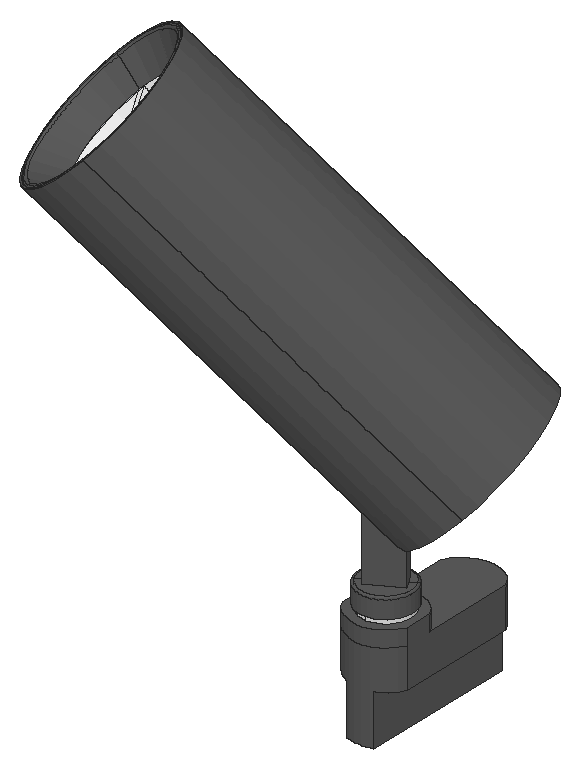
Revit family "0005445", category Lighting Fixtures, host Face, Revit 2017
Family settings
  Host = Face
  Round Connector Dimension = Use Diameter
  Part Type = Normal
  OmniClass Number = 23.80.70.00
  OmniClass Title = Lighting
  Cut with Voids When Loaded = No
  Light Source = No
  Shared = No
  Room Calculation Point = No
Parameters (values of type "0005445 PIXO LARGE 4725LM 930 NB MB WB BLK - 24 degree")
  Weight = "7.476 kg"
  Wattage Comments = ""
  WarrantyStartDate [instance] = "n/a"
  WarrantyGuarantorParts = "n/a"
  WarrantyDurationUnit = "n/a"
  WarrantyDurationParts = "n/a"
  WarrantyDescription = "n/a"
  Voltage = 0 V
  VerticalRotation_SYL [instance] = 60.00°
  VerticalEndAngle_SYL [instance] = VerticalRotation_SYL - 180.00°  # -120.00°
  URL = "http://www.sylvania-lighting.com"
  TypeName = "Pixo Large 4725lm 930 NB MB WB BLK"
  TypeHead_SYL = START Track Spot Integral Head : 0005445 - 24
  TypeArm_SYL = START Track Spot Integral Arm : START Track Spot Integral BL
  Type Image = <None>
  Type Comments = "n/a"
  SerialNumber [instance] = "n/a"
  Material_3_SYL = none
  PowerFactor = 0.9
  PowerConsumption = "54 W"
  NominalLength = 300 mm
  NominalHeight = 303 mm
  NominalDepth = 96 mm
  Name = "Pixo Large 4725lm 930 NB MB WB BLK"
  ModelReference = Name  # "Pixo Large 4725lm 930 NB MB WB BLK"
  ModelNumber = "0005445"
  Model = Name  # "Pixo Large 4725lm 930 NB MB WB BLK"
  Material = "n/a"
  ManufacturerName = "Feilo Sylvania"
  Manufacturer = "Feilo Sylvania"
  LuminousEfficacy = "88 lm/W"
  LuminaireType = ""
  LightOutputRatio = "n/a"
  LampsType = Lamp  # "LED"
  LampNominalLuminous = "4725 lm"
  LampMacAdamStep = "5"
  LampColourTemperature = "3000 K"
  LampColourRenderingIndex = "90"
  Lamp = "LED"
  Keynote = "16500"
  InstallationDate [instance] = "n/a"
  InputVoltage = "n/a"
  InputNominalFrequency = "n/a"
  IngressProtection = "IP20"
  ImpactProtectionIndex = "IK03"
  IfcExportType = "IfcLightFixtureType"
  IfcExportAs = "IfcLightFixtureType"
  HorizontalRotation_SYL [instance] = 45.00°
  ExpectedLife = 50000
  ElectricShockClassification = "Class I"
  DurationUnit = "hours"
  DocumentationLiterature = "http://www.sylvania-lighting.com/product/en-int/products/0005445"
  DimmingControlOptions = "n/a"
  Material_2_SYL = Spacer-Sylvania-StartTrackSpot-Aluminium
  Description = "Integrated LED spotlight, Textured Black - RAL9005, simple and slick integral design with no driver box and without any visible screws, ideal for retail applications, die-cast aluminium body, passive cooling heatsink. Beam angle: 36°, additional lenses 24° and 54° beam angle included, color temperature: 3000K , total system power: 54W, total fixture output: 4725 lm, LOR: 100%, colour rendering: Ra: 90 typical, LED Chromaticity: 3 step MacAdam ellipse, lifetime: >50000 hours at L70B50, energy class: A++, A+, A, IR/UV free light source without heat radiation, operating voltage: 220-240V / 50-60Hz,  electronic driver, non-dimmable, ultra low LED flickering rate (5% or less), power factor: >0.90, electrical protection: Class I, Global Track 3 Circuit GA69 adapter suitable for Global trac 3-circuit tracks, ingress protection rating: IP20, suitable for internal environment only, horizontal rotation: 345°, vertical tilt: 90°, dimensions: Ø91x96x300, weight: 1,246kg."
  Default Elevation = 1219.2 mm
  CreatedOn = "9/9/2020"
  CreatedBy = "@sylvania-lighting.com"
  Cost = 0
  built-in parameter 1114216 [instance] = (empty or 0)
  ClassificationValue = "EF_70_80"
  ClassificationName = "Uniclass2015"
  Material_1_SYL = Body-Sylvania-StartTrackSpot-Black
  BarCode [instance] = "n/a"
  AssetType = "Fixed"
  AssetIdentifier [instance] = "n/a"
  Assembly Code = "D5020200"
  Apparent Load = 54 VA
  Material_4_SYL = none
Reference planes
  plane 1 "Center (Front/Back)": y = 0
  plane 2: z = 0
  plane 3 "Center (Left/Right)": x = 0
  plane 4: x = 16.6
  plane 5: x = -16.6
  plane 6: x = 7
  plane 7: x = -7
  plane 8: x = -12.8
  plane 9: y = 42
  plane 10: y = 42
  plane 11: y = -42
  plane 12: y = 31.4
  plane 13: y = -31.4
  plane 14: z = -26
  plane 15: z = 20.3
  plane 16: z = 28.5
  plane 17: z = 31.2
  plane 18: y = -17.4
  plane 19: y = -6.8
  plane 20: y = -24.4
Forms (mm)
  Extrusion 1, solid, material "Body-Sylvania-StartTrackSpot-Black" <- "Material_1_SYL"
    sketch origin (0, 0, 0) x (1, 0, 0) y (0, 1, 0)
      loop
        line (-16.6, 31.4) -> (-16.6, -31.4)
        arc (-16.6, -31.4) -> (0, -42) -> (16.6, -31.4) r 18.298
        line (16.6, -31.4) -> (16.6, 31.4)
        arc (16.6, 31.4) -> (0, 42) -> (-16.6, 31.4) r 18.298
    from -26 to 20.3
  Extrusion 2, void
    sketch origin (0, 0, 0) x (1, 0, 0) y (0, 1, 0)
      loop
        arc (-7, 40.608) -> (-12.666, 36.907) -> (-16.6, 31.4) r 18.298
        line (-16.6, 31.4) -> (-16.6, -31.4)
        arc (-16.6, -31.4) -> (-12.666, -36.907) -> (-7, -40.608) r 18.298
        line (-7, -40.608) -> (-7, 40.608)
      loop
        line (16.6, -31.4) -> (16.6, 31.4)
        arc (16.6, 31.4) -> (12.666, 36.907) -> (7, 40.608) r 18.298
        line (7, 40.608) -> (7, -40.608)
        arc (7, -40.608) -> (12.666, -36.907) -> (16.6, -31.4) r 18.298
    from 0 to -26
  Extrusion 3, solid, material "Body-Sylvania-StartTrackSpot-Black" <- "Material_1_SYL"
    sketch origin (1223.4, -4572, 20.3) x (0, -1, 0) y (-1, 0, 0)
      loop
        line (-4540.6, 1240) -> (-4554.6, 1240)
        arc (-4554.6, 1240) -> (-4565.2, 1223.4) -> (-4554.6, 1206.8) r 18.298
        line (-4554.6, 1206.8) -> (-4540.6, 1206.8)
        arc (-4540.6, 1206.8) -> (-4530, 1223.4) -> (-4540.6, 1240) r 18.298
    from -8.2 to 0
  Extrusion 4, solid, material "Spacer-Sylvania-StartTrackSpot-Aluminium" <- "Material_2_SYL"
    sketch origin (1223.4, -4572, 28.5) x (0, -1, 0) y (-1, 0, 0)
      loop
        circle (-4547.6, 1223.4) r 12.7
    from 0 to -2.7
  Revolve 5, solid, not visible
    sketch origin (1524, -24.4, 1219.2) x (1, 0, 0) y (0, 0, 1)
      loop
        line (-1524, -1188) -> (-1524, -1168.735) -> (-1531, -1168.735) -> (-1531, -1188) -> (-1524, -1188)
      axis (-1524, -1168.735) -> (-1524, -1188)
    angle from 60 <- "VerticalRotation_SYL" to -120 <- "VerticalEndAngle_SYL"
Cuts and joins
  Extrusion 2 cuts Extrusion 1
  joined: Extrusion 1, Extrusion 3
Lines and regions (mm)
  reference lines
    curve 1: circle (0, -24.4, 0) r 12.7 normal (0, 0, 1)
    curve 2: arc (-16.6, -31.4, 0) -> (0, -42, 0) -> (16.6, -31.4, 0) r 18.298
    curve 3: arc (-16.6, -17.4, 0) -> (0, -6.8, 0) -> (16.6, -17.4, 0) r 18.298
    curve 4: arc (-16.6, 31.4, 0) -> (0, 42, 0) -> (16.6, 31.4, 0) r 18.298
Dimensions and locks
  plane 6 to plane 3 "Center (Left/Right)" to plane 7 = 7 mm locked, 7 mm locked
  plane 4 to plane 3 "Center (Left/Right)" to plane 5 = 16.6 mm locked, 16.6 mm locked
  locked: plane 3 "Center (Left/Right)" to plane 8 at 12.8
  plane 11 to plane 1 "Center (Front/Back)" to plane 10 = 42 mm locked, 42 mm locked
  plane 13 to plane 1 "Center (Front/Back)" to plane 12 = 31.4 mm locked, 31.4 mm locked
  locked: plane 2 to plane 14 at 26
  locked: plane 15 to plane 2 at 20.3
  plane 17 to plane 16 to plane 15 = 2.7 mm locked, 8.2 mm locked
  locked: plane 13 to plane 18 at 14
  locked: plane 18 to plane 19 at 10.6
  equal spacing: plane 13, plane 20, plane 18
  locked: plane 20 to curve 2 at 0.698
  locked: curve 3 to plane 20 at 0.698
  aligned and locked: plane 2 to host face
  aligned and locked: level to host face
  aligned and locked: plane 3 "Center (Left/Right)" to curve 1
  aligned and locked: plane 20 to curve 1
  aligned and locked: plane 13 to curve 2  (x2)
  aligned and locked: plane 18 to curve 3  (x2)
  aligned and locked: plane 12 to curve 4  (x2)
  aligned and locked: plane 4 to curve 4
  aligned and locked: plane 3 "Center (Left/Right)" to curve 4
  aligned and locked: plane 5 to curve 2
  aligned and locked: plane 5 to curve 3
  aligned and locked: plane 4 to curve 3
  aligned and locked: plane 4 to curve 2
  aligned and locked: plane 12 to Extrusion 1 sketch curve
  aligned and locked: plane 13 to Extrusion 1 sketch curve
  aligned and locked: Extrusion 1 sketch curve to curve 4
  aligned and locked: Extrusion 1 sketch curve to curve 2
  aligned and locked: Extrusion 1 to plane 15
  aligned and locked: plane 14 to Extrusion 1
  aligned and locked: Extrusion 2 sketch curve to Extrusion 1  (x5)
  aligned and locked: Extrusion 2 sketch curve to plane 7
  aligned and locked: plane 14 to Extrusion 2
  aligned and locked: level to Extrusion 2
  aligned and locked: Extrusion 3 sketch curve to cut or joined group of Extrusion 1, Extrusion 2, Extrusion 3  (x2)
  aligned and locked: Extrusion 3 sketch curve to curve 3
  aligned and locked: cut or joined group of Extrusion 1, Extrusion 2, Extrusion 3 to Extrusion 3 sketch curve
  aligned and locked: Extrusion 3 to plane 16
  aligned and locked: plane 15 to Extrusion 3
  aligned and locked: Extrusion 4 sketch curve to curve 1
  aligned and locked: Extrusion 4 to plane 17
  aligned and locked: plane 16 to Extrusion 4
  aligned and locked: Revolve 5 sketch curve to plane 3 "Center (Left/Right)"
  aligned and locked: Extrusion 4 to Revolve 5 sketch curve
  aligned and locked: Revolve 5 sketch curve to Extrusion 4
  aligned and locked: plane 17 to nested 1
Automatic sketch dimensions
  host sketch curve to host sketch curve = 2438.4 mm  (x2)
  plane 12 to curve 4 = 7.698 mm
  plane 12 to Extrusion 2 sketch curve = 0 mm
  Extrusion 2 sketch curve to Extrusion 2 sketch curve = 0 mm  (x2)
  Extrusion 2 sketch curve to plane 6 = 0 mm
  Revolve 5 sketch curve to plane 7 = 0 mm
  Revolve 5 sketch curve to Revolve 5 sketch curve = 19.265 mm
  plane 14 to Revolve 5 sketch curve = 583.6 mm
  Revolve 5 sketch curve to Revolve 5 sketch curve = 2558.594 mm
  radius of curve 1 = 12.7 mm
Nested families
  nested 1: "START Track Spot Integral Arm" at (0, -24.4, 31.2) x (0, 0, -1) z (0.866, 0.5, 0), type <- "TypeArm_SYL", HorizontalRotation_SYL <- "HorizontalRotation_SYL", type "START Track Spot Integral BL"
    with HorizontalRotation_SYL 45.00°, HorizontalEndAngle_SYL -135.00°
  nested 2: "START Track Spot Integral Head" at (22.045, -11.672, 108.656) x (-0.5, 0.866, 0) z (0.6124, 0.3536, -0.7071), type "0005445 - 24"
    with built-in parameter 1114216 (empty or 0)
Connectors
  electrical at (0, 0, 0), driven by "Apparent Load", driven by "PowerFactor", driven by "Voltage"
    settings: index 1, voltage 0 V, apparent load 54 VA, apparent load phase1 0 VA, apparent load phase2 0 VA, apparent load phase3 0 VA, power factor 0.9, load classification "Lighting", number of poles 1, system type 30, power factor state 1, is connector primary yes, connector utility no, sub classification motor no, connector description ""
Definition of nested family "START Track Spot Integral Arm"
  Parameters (values of type "START Track Spot Integral WH")
    URL = "http://www.sylvania-lighting.com"
    Type Image = (empty or 0)
    Type Comments = "n/a"
    Material_3_SYL = none
    Model = ""
    Manufacturer = "Feilo Sylvania"
    Keynote = ""
    Material_2_SYL = none
    HorizontalRotation_SYL [instance] = 0.00°
    HorizontalEndAngle_SYL [instance] = HorizontalRotation_SYL - 180.00°  # -180.00°
    Description = ""
    Default Elevation = 1219.2 mm
    Cost = 0
    Material_1_SYL = none
    Assembly Code = ""
    Material_4_SYL = none
  Types (2): name
    START Track Spot Integral WH
    START Track Spot Integral BL
  Reference planes
    plane 1 "Center (Front/Back)": y = 0
    plane 2: z = 0
    plane 3 "Center (Left/Right)": x = 0
    plane 4: x = -10
    plane 5: z = -14
    plane 6: z = -14
    plane 7: z = 14
    plane 8: x = -52
    plane 9: z = 9
    plane 10: z = -9
    plane 11: x = -60
    plane 12: y = 4.5
    plane 13: y = -4.5
    plane 14: x = -9
    plane 15: z = 13
    plane 16: z = 4
    plane 17: z = -4
    plane 18: x = -55
  Forms (mm)
    Extrusion 1, solid
      sketch origin (4.2, 0, 0) x (1, 0, 0) y (0, 1, 0)
        loop
          line (-1219.2, 1219.2) -> (-1219.2, -1219.2) -> (1219.2, -1219.2) -> (1219.2, 1219.2) -> (-1219.2, 1219.2)
      from 0 to -68.017
    Revolve 2, solid, material <- "Material_1_SYL"
      sketch origin (0, 0, 0) x (1, 0, 0) y (0, 0, 1)
        loop
          line (0, 0) -> (0, 14) -> (-9, 14)
          arc (-9, 14) -> (-9.707, 13.707) -> (-10, 13) r 1
          line (-10, 13) -> (-10, 0) -> (0, 0)
        axis (-10, 0) -> (0, 0)
      angle from 360 to 0
    Extrusion 3, solid, material <- "Material_1_SYL"
      sketch origin (0, 0, 0) x (1, 0, 0) y (0, 0, 1)
        loop
          line (-10, 9) -> (-55, 9)
          arc (-55, 9) -> (-58.536, 7.536) -> (-60, 4) r 5
          line (-60, 4) -> (-60, -4)
          arc (-60, -4) -> (-58.536, -7.536) -> (-55, -9) r 5
          line (-55, -9) -> (-10, -9) -> (-10, 9)
      from -4.5 to 4.5
    Revolve 4, solid, not visible
      sketch origin (-52, -4572, 2609.058) x (0, 0, 1) y (0, -1, 0)
        loop
          line (-2609.058, -4553.46) -> (-2609.058, -4590.54) -> (-2605.058, -4590.54) -> (-2605.058, -4553.46) -> (-2609.058, -4553.46)
        axis (-2609.058, -4553.46) -> (-2609.058, -4590.54)
      angle from 0 <- "HorizontalRotation_SYL" to -180 <- "HorizontalEndAngle_SYL"
  Dimensions and locks
    locked: plane 3 "Center (Left/Right)" to plane 4 at 10
    plane 7 to plane 2 to plane 6 = 14 mm locked, 14 mm locked
    locked: plane 4 to plane 8 at 42
    plane 13 to plane 1 "Center (Front/Back)" to plane 12 = 4.5 mm locked, 4.5 mm locked
    locked: plane 14 to plane 4 at 1
    locked: plane 7 to plane 15 at 1
    locked: plane 9 to plane 16 at 5
    locked: plane 17 to plane 10 at 5
    equal spacing: Revolve 4 sketch curve, plane 1 "Center (Front/Back)", Revolve 4 sketch curve
    locked: Revolve 4 sketch curve to plane 1 "Center (Front/Back)" at 18.54
    locked: plane 18 to plane 11 at 5
    locked: plane 4 to plane 11 at 50
    aligned and locked: plane 2 to Extrusion 1
    aligned and locked: level to Extrusion 1
    aligned and locked: level to Revolve 2 sketch curve  (x2)
    aligned and locked: plane 3 "Center (Left/Right)" to Revolve 2 sketch curve
    aligned and locked: Revolve 2 sketch curve to plane 7
    aligned and locked: plane 4 to Revolve 2 sketch curve
    aligned and locked: plane 15 to Revolve 2 sketch curve
    aligned and locked: plane 14 to Revolve 2 sketch curve
    aligned and locked: Revolve 2 sketch curve to plane 2
    aligned and locked: Extrusion 3 sketch curve to plane 9
    aligned and locked: plane 4 to Extrusion 3 sketch curve
    aligned and locked: plane 10 to Extrusion 3 sketch curve
    aligned and locked: Extrusion 3 sketch curve to plane 11
    aligned and locked: plane 13 to Extrusion 3
    aligned and locked: Extrusion 3 to plane 12
    aligned and locked: plane 16 to Extrusion 3 sketch curve
    aligned and locked: plane 17 to Extrusion 3 sketch curve
    aligned and locked: Revolve 4 sketch curve to level
    aligned and locked: Revolve 4 sketch curve to plane 16
    aligned and locked: Revolve 4 sketch curve to plane 2
    aligned and locked: plane 18 to Extrusion 3 sketch curve  (x2)
Definition of nested family "START Track Spot Integral Head"
  Parameters (values of type "0005445 - 24")
    WidthCutOut_SYL = 9.5 mm  # constant formula
    Wattage Comments = "n/a"
    Wattage = 55 W
    built-in parameter 1150110 = 1 (stored number, unit not read)
    URL = "http://www.sylvania-lighting.com"
    Type Image = (empty or 0)
    Type Comments = "n/a"
    built-in parameter 1114217 = 1 (stored number, unit not read)
    Tilt Angle = 90.00°
    built-in parameter 1150109 = 1 (stored number, unit not read)
    built-in parameter 1150134 = (empty or 0)
    built-in parameter 1150113 = 1 (stored number, unit not read)
    S_SYL = no
    RadiusLensOut_SYL = if(S_SYL, 21 mm, if(M_SYL, 30.5 mm, 33 mm))  # 33 mm
    RadiusLensHolder_SYL = 1.8 mm  # constant formula
    RadiusHead_SYL = if(S_SYL, 30 mm, if(M_SYL, 40 mm, 45.5 mm))  # 45.5 mm
    RadiusEmission_SYL = if(S_SYL, 8 mm, if(M_SYL, 16.5 mm, 16.5 mm))  # 16.5 mm
    Photometric Web File = "0005445_24.ies"
    built-in parameter 1150142 = "IESNA:LM-63-2002\r\n[TEST] 202010560\r\n[TESTLAB] \r\n[TESTDATE] 3 Jun 2020\r\n[ISSUEDATE] 3 Jun 2020\r\n[MANUFAC] Sylvania\r\n[LUMCAT] 202010560\r\n[LUMINAIRE] FT1081-B-3000£¨24¡ã£©\r\n[FLASHAREA] 0.001373\r\n[LAMPCAT] 202010560\r\n[LAMP] LED 54W - 50.96 W\r\nTILT=NONE\r\n1 4650.50 1.0 181 4 1 2 -0.085 -0.085 0.000\r\n1.00 1.00 50.96\r\n0.00 1.00 2.00 3.00 4.00 5.00 6.00 7.00 8.00 9.00 10.00 \r\n11.00 12.00 13.00 14.00 15.00 16.00 17.00 18.00 19.00 \r\n20.00 21.00 22.00 23.00 24.00 25.00 26.00 27.00 28.00 \r\n29.00 30.00 31.00 32.00 33.00 34.00 35.00 36.00 37.00 \r\n38.00 39.00 40.00 41.00 42.00 43.00 44.00 45.00 46.00 \r\n47.00 48.00 49.00 50.00 51.00 52.00 53.00 54.00 55.00 \r\n56.00 57.00 58.00 59.00 60.00 61.00 62.00 63.00 64.00 \r\n65.00 66.00 67.00 68.00 69.00 70.00 71.00 72.00 73.00 \r\n74.00 75.00 76.00 77.00 78.00 79.00 80.00 81.00 82.00 \r\n83.00 84.00 85.00 86.00 87.00 88.00 89.00 90.00 91.00 \r\n92.00 93.00 94.00 95.00 96.00 97.00 98.00 99.00 100.00 \r\n101.00 102.00 103.00 104.00 105.00 106.00 107.00 108.00 \r\n109.00 110.00 111.00 112.00 113.00 114.00 115.00 116.00 \r\n117.00 118.00 119.00 120.00 121.00 122.00 123.00 124.00 \r\n125.00 126.00 127.00 128.00 129.00 130.00 131.00 132.00 \r\n133.00 134.00 135.00 136.00 137.00 138.00 139.00 140.00 \r\n141.00 142.00 143.00 144.00 145.00 146.00 147.00 148.00 \r\n149.00 150.00 151.00 152.00 153.00 154.00 155.00 156.00 \r\n157.00 158.00 159.00 160.00 161.00 162.00 163.00 164.00 \r\n165.00 166.00 167.00 168.00 169.00 170.00 171.00 172.00 \r\n173.00 174.00 175.00 176.00 177.00 178.00 179.00 180.00 \r\n0.00 30.00 60.00 90.00 \r\n16490.35 17536.27 17233.91 16612.63 15870.74 14948.13 \r\n13966.64 13022.81 12027.47 11145.50 10292.38 9556.23 \r\n8823.68 8093.48 7369.19 6649.44 6020.41 5359.33 4770.06 \r\n4177.96 3654.39 3163.15 2726.07 2389.86 2089.48 1852.73 \r\n1649.55 1453.31 1303.03 1154.85 1033.28 909.75 804.10 \r\n707.25 618.71 548.13 478.24 424.85 372.51 331.92 293.55 \r\n263.57 239.24 217.25 200.66 184.92 171.86 159.38 149.04 \r\n140.70 132.98 126.60 120.57 115.33 110.87 106.53 102.93 \r\n99.26 96.18 92.52 88.77 84.83 81.78 79.00 74.72 68.91 \r\n62.72 55.38 48.85 44.07 39.07 33.45 28.53 24.29 19.55 \r\n16.18 13.54 11.01 8.59 6.36 4.27 2.34 0.92 0.21 0.04 0.03 \r\n0.03 0.03 0.03 0.03 0.03 0.03 0.03 0.03 0.03 0.03 0.03 \r\n0.03 0.03 0.04 0.04 0.05 0.05 0.05 0.06 0.07 0.08 0.08 \r\n0.09 0.08 0.09 0.00 0.00 0.00 0.00 0.00 0.00 0.00 0.00 \r\n0.00 0.00 0.00 0.00 0.00 0.00 0.00 0.00 0.00 0.00 0.00 \r\n0.00 0.00 0.00 0.00 0.00 0.00 0.00 0.00 0.00 0.00 0.00 \r\n0.00 0.00 0.00 0.00 0.00 0.00 0.00 0.00 0.00 0.00 0.00 \r\n0.00 0.00 0.00 0.00 0.00 0.00 0.00 0.00 0.00 0.00 0.00 \r\n0.00 0.00 0.00 0.00 0.00 0.00 0.00 0.00 0.00 0.00 0.00 \r\n0.00 0.00 0.00 0.00 0.00 0.00 0.00 \r\n16490.35 17219.01 16894.15 16355.14 15647.44 14816.81 \r\n13852.06 12892.82 11962.34 11101.50 10305.52 9535.99 \r\n8788.76 8062.82 7353.16 6664.34 6008.88 5377.83 4762.60 \r\n4206.24 3671.27 3201.60 2784.51 2414.36 2111.77 1854.83 \r\n1633.58 1453.23 1292.07 1144.40 1012.92 895.58 790.28 \r\n695.33 609.66 536.68 473.89 418.59 371.73 330.91 297.39 \r\n267.33 242.87 222.76 204.55 189.30 175.53 163.81 153.06 \r\n143.80 135.92 128.85 122.68 117.13 112.24 107.99 103.86 \r\n100.11 96.25 92.44 88.53 84.95 81.59 77.92 73.64 68.53 \r\n61.99 55.98 49.84 44.14 39.03 34.01 29.16 24.13 20.27 \r\n16.60 13.44 10.90 8.56 6.37 4.38 2.62 1.31 0.47 0.11 0.03 \r\n0.03 0.03 0.03 0.03 0.03 0.03 0.03 0.03 0.03 0.04 0.04 \r\n0.04 0.04 0.05 0.05 0.05 0.05 0.06 0.07 0.07 0.08 0.08 \r\n0.09 0.09 0.10 0.00 0.00 0.00 0.00 0.00 0.00 0.00 0.00 \r\n0.00 0.00 0.00 0.00 0.00 0.00 0.00 0.00 0.00 0.00 0.00 \r\n0.00 0.00 0.00 0.00 0.00 0.00 0.00 0.00 0.00 0.00 0.00 \r\n0.00 0.00 0.00 0.00 0.00 0.00 0.00 0.00 0.00 0.00 0.00 \r\n0.00 0.00 0.00 0.00 0.00 0.00 0.00 0.00 0.00 0.00 0.00 \r\n0.00 0.00 0.00 0.00 0.00 0.00 0.00 0.00 0.00 0.00 0.00 \r\n0.00 0.00 0.00 0.00 0.00 0.00 0.00 \r\n16490.35 16604.84 16290.24 15794.13 15124.89 14313.09 \r\n13457.37 12560.51 11695.64 10886.73 10126.70 9402.01 \r\n8676.93 7988.47 7294.53 6621.90 5987.55 5347.47 4764.62 \r\n4198.88 3660.47 3189.17 2766.07 2413.49 2108.60 1863.13 \r\n1652.02 1471.81 1315.23 1169.48 1042.46 922.25 820.15 \r\n725.38 640.60 566.21 500.47 445.27 393.22 350.68 313.52 \r\n280.76 253.94 230.94 212.43 195.02 180.91 167.89 156.93 \r\n147.05 138.54 131.48 124.96 119.08 113.85 109.13 104.82 \r\n100.88 97.24 93.43 89.60 86.21 82.70 79.24 74.95 70.16 \r\n63.72 57.52 51.54 45.58 40.56 35.26 30.22 24.81 20.77 \r\n16.96 13.78 11.22 8.83 6.60 4.49 2.67 1.34 0.48 0.14 0.03 \r\n0.03 0.02 0.02 0.03 0.03 0.03 0.03 0.03 0.03 0.03 0.03 \r\n0.04 0.04 0.04 0.05 0.05 0.05 0.06 0.06 0.07 0.08 0.09 \r\n0.09 0.09 0.10 0.00 0.00 0.00 0.00 0.00 0.00 0.00 0.00 \r\n0.00 0.00 0.00 0.00 0.00 0.00 0.00 0.00 0.00 0.00 0.00 \r\n0.00 0.00 0.00 0.00 0.00 0.00 0.00 0.00 0.00 0.00 0.00 \r\n0.00 0.00 0.00 0.00 0.00 0.00 0.00 0.00 0.00 0.00 0.00 \r\n0.00 0.00 0.00 0.00 0.00 0.00 0.00 0.00 0.00 0.00 0.00 \r\n0.00 0.00 0.00 0.00 0.00 0.00 0.00 0.00 0.00 0.00 0.00 \r\n0.00 0.00 0.00 0.00 0.00 0.00 0.00 \r\n16490.35 16375.84 16087.90 15576.65 14898.89 14091.84 \r\n13224.44 12356.67 11518.90 10750.96 10029.95 9324.44 \r\n8633.61 7944.22 7268.32 6597.96 5949.55 5315.44 4705.34 \r\n4143.76 3632.88 3145.70 2743.98 2402.79 2114.84 1875.75 \r\n1678.41 1492.57 1338.30 1194.03 1065.13 945.62 836.94 \r\n739.45 650.62 573.05 504.02 444.02 390.40 345.64 304.88 \r\n272.84 247.22 225.00 206.06 189.66 175.23 163.38 153.10 \r\n144.26 136.57 129.68 123.70 118.28 113.35 108.88 104.90 \r\n101.07 97.44 93.60 89.58 85.77 82.64 79.28 74.98 69.08 \r\n63.13 56.35 49.82 45.04 40.11 34.95 29.37 24.78 20.08 \r\n16.52 13.86 11.25 8.79 6.54 4.43 2.48 0.98 0.27 0.04 0.03 \r\n0.02 0.02 0.01 0.01 0.02 0.02 0.02 0.02 0.03 0.03 0.03 \r\n0.03 0.03 0.04 0.04 0.05 0.05 0.05 0.07 0.07 0.07 0.08 \r\n0.09 0.08 0.09 0.00 0.00 0.00 0.00 0.00 0.00 0.00 0.00 \r\n0.00 0.00 0.00 0.00 0.00 0.00 0.00 0.00 0.00 0.00 0.00 \r\n0.00 0.00 0.00 0.00 0.00 0.00 0.00 0.00 0.00 0.00 0.00 \r\n0.00 0.00 0.00 0.00 0.00 0.00 0.00 0.00 0.00 0.00 0.00 \r\n0.00 0.00 0.00 0.00 0.00 0.00 0.00 0.00 0.00 0.00 0.00 \r\n0.00 0.00 0.00 0.00 0.00 0.00 0.00 0.00 0.00 0.00 0.00 \r\n0.00 0.00 0.00 0.00 0.00 0.00 0.00 \r\n"
    Material_3_SYL = none
    Model = "ST TRK SPT INTGRL 4500LM 930 MB BLK"
    Manufacturer = "Feilo Sylvania"
    M_SYL = no
    built-in parameter 1150105 = 374.01 (stored number, unit not read)
    Lumens = 4700 lm
    built-in parameter 1150115 = 1 (stored number, unit not read)
    built-in parameter 1150137 = (empty or 0)
    built-in parameter 1150139 = (empty or 0)
    built-in parameter 1150112 = 1 (stored number, unit not read)
    built-in parameter 1150114 = 1 (stored number, unit not read)
    Lamp = "LED"
    Keynote = "16500"
    Material_2_SYL = none
    built-in parameter 1150132 = (empty or 0)
    built-in parameter 1150102 = (empty or 0)
    built-in parameter 1150107 = 3000 (stored number, unit not read)
    built-in parameter 1150138 = (empty or 0)
    built-in parameter 1150106 = 3.7401 (stored number, unit not read)
    Height_SYL = if(S_SYL, 160 mm, if(M_SYL, 200 mm, 215 mm))  # 215 mm
    Emit from Circle Diameter = RadiusLensOut_SYL * 2  # 66 mm
    Emit Shape Visible in Rendering = no
    built-in parameter 1150104 = 7.939 (stored number, unit not read)
    DistRotateAxisY_SYL = 16.8 mm  # constant formula
    Dimming Lamp Color Temperature Shift = (empty or 0)
    Description = ""
    DepthLens_SYL = 1.25 * (RadiusHead_SYL - 1 mm - RadiusLensOut_SYL)  # 14.375 mm
    DepthEmission_SYL = Height_SYL / 6.4  # 33.594 mm
    DepthCutOut_SYL = WidthCutOut_SYL * 2  # 19 mm
    Default Elevation = 1219.2 mm
    Cost = 0
    Color Filter = 16777215
    built-in parameter 1114216 [instance] = (empty or 0)
    Material_1_SYL = none
    built-in parameter 1114218 = 1 (stored number, unit not read)
    built-in parameter 1150133 = 10 (stored number, unit not read)
    Assembly Code = "D5020200"
    Apparent Load = 55 VA
    Material_4_SYL = none
  Types (3, lengths in mm): name | Photometric Web File | built-in parameter 1150142
    0005445 - 36 | "0005445_36.ies" | "IESNA:LM-63-2002\r\n[TEST] 202010560\r\n[TESTLAB] \r\n[TESTDATE] 3 Jun 2020\r\n[ISSUEDATE] 3 Jun 2020\r\n[MANUFAC] Sylvania\r\n[LUMCAT] 202010560\r\n[LUMINAIRE] FT1081-B-3000£¨36¡ã£©\r\n[FLASHAREA] 0.001373\r\n[LAMPCAT] 202010560\r\n[LAMP] LED 54W - 51.13 W\r\nTILT=NONE\r\n1 4803.80 1.0 181 4 1 2 -0.085 -0.085 0.000\r\n1.00 1.00 51.13\r\n0.00 1.00 2.00 3.00 4.00 5.00 6.00 7.00 8.00 9.00 10.00 \r\n11.00 12.00 13.00 14.00 15.00 16.00 17.00 18.00 19.00 \r\n20.00 21.00 22.00 23.00 24.00 25.00 26.00 27.00 28.00 \r\n29.00 30.00 31.00 32.00 33.00 34.00 35.00 36.00 37.00 \r\n38.00 39.00 40.00 41.00 42.00 43.00 44.00 45.00 46.00 \r\n47.00 48.00 49.00 50.00 51.00 52.00 53.00 54.00 55.00 \r\n56.00 57.00 58.00 59.00 60.00 61.00 62.00 63.00 64.00 \r\n65.00 66.00 67.00 68.00 69.00 70.00 71.00 72.00 73.00 \r\n74.00 75.00 76.00 77.00 78.00 79.00 80.00 81.00 82.00 \r\n83.00 84.00 85.00 86.00 87.00 88.00 89.00 90.00 91.00 \r\n92.00 93.00 94.00 95.00 96.00 97.00 98.00 99.00 100.00 \r\n101.00 102.00 103.00 104.00 105.00 106.00 107.00 108.00 \r\n109.00 110.00 111.00 112.00 113.00 114.00 115.00 116.00 \r\n117.00 118.00 119.00 120.00 121.00 122.00 123.00 124.00 \r\n125.00 126.00 127.00 128.00 129.00 130.00 131.00 132.00 \r\n133.00 134.00 135.00 136.00 137.00 138.00 139.00 140.00 \r\n141.00 142.00 143.00 144.00 145.00 146.00 147.00 148.00 \r\n149.00 150.00 151.00 152.00 153.00 154.00 155.00 156.00 \r\n157.00 158.00 159.00 160.00 161.00 162.00 163.00 164.00 \r\n165.00 166.00 167.00 168.00 169.00 170.00 171.00 172.00 \r\n173.00 174.00 175.00 176.00 177.00 178.00 179.00 180.00 \r\n0.00 30.00 60.00 90.00 \r\n10368.50 10648.95 10570.65 10447.31 10279.79 10066.58 \r\n9826.13 9558.73 9241.58 8895.54 8519.83 8146.01 7737.78 \r\n7312.43 6880.70 6452.30 6042.36 5623.81 5212.96 4800.91 \r\n4404.65 4046.28 3695.94 3345.77 3030.05 2720.83 2442.67 \r\n2170.18 1939.69 1710.02 1510.52 1325.75 1171.80 1030.02 \r\n893.60 786.71 680.50 596.85 518.33 454.01 394.61 346.23 \r\n301.65 264.87 236.83 211.90 190.82 172.65 157.04 145.41 \r\n134.78 126.01 118.04 111.28 105.48 100.14 95.54 91.39 \r\n87.41 83.14 78.71 74.39 69.69 65.58 60.91 56.83 52.96 \r\n48.97 45.25 41.42 37.65 33.66 29.61 25.61 21.51 17.42 \r\n13.33 10.59 8.13 5.97 3.88 2.12 0.91 0.32 0.05 0.04 0.03 \r\n0.03 0.03 0.03 0.03 0.03 0.03 0.03 0.03 0.04 0.04 0.05 \r\n0.05 0.05 0.05 0.05 0.07 0.07 0.07 0.08 0.08 0.08 0.09 \r\n0.09 0.10 0.00 0.00 0.00 0.00 0.00 0.00 0.00 0.00 0.00 \r\n0.00 0.00 0.00 0.00 0.00 0.00 0.00 0.00 0.00 0.00 0.00 \r\n0.00 0.00 0.00 0.00 0.00 0.00 0.00 0.00 0.00 0.00 0.00 \r\n0.00 0.00 0.00 0.00 0.00 0.00 0.00 0.00 0.00 0.00 0.00 \r\n0.00 0.00 0.00 0.00 0.00 0.00 0.00 0.00 0.00 0.00 0.00 \r\n0.00 0.00 0.00 0.00 0.00 0.00 0.00 0.00 0.00 0.00 0.00 \r\n0.00 0.00 0.00 0.00 0.00 0.00 \r\n10368.50 10571.31 10492.52 10366.21 10201.35 10000.50 \r\n9757.59 9482.13 9171.10 8831.80 8475.74 8086.98 7683.55 \r\n7266.68 6853.45 6434.59 6018.03 5598.75 5180.16 4791.60 \r\n4401.59 4038.77 3690.55 3344.82 3028.57 2723.53 2441.85 \r\n2182.29 1939.88 1716.85 1521.25 1340.36 1177.04 1033.12 \r\n902.11 789.59 690.81 602.12 528.03 460.85 403.38 353.76 \r\n310.31 275.48 244.58 219.75 198.29 180.39 164.47 150.33 \r\n139.18 129.57 121.21 113.61 107.11 101.57 96.31 91.68 \r\n87.15 82.69 78.23 73.76 69.44 65.14 61.11 56.89 52.75 \r\n48.83 44.93 41.15 37.26 33.38 29.37 25.35 21.20 17.33 \r\n13.79 10.64 8.12 5.86 3.88 2.27 1.09 0.42 0.14 0.03 0.02 \r\n0.02 0.02 0.02 0.02 0.03 0.02 0.03 0.03 0.03 0.04 0.04 \r\n0.04 0.04 0.05 0.05 0.06 0.06 0.06 0.07 0.07 0.08 0.08 \r\n0.09 0.09 0.00 0.00 0.00 0.00 0.00 0.00 0.00 0.00 0.00 \r\n0.00 0.00 0.00 0.00 0.00 0.00 0.00 0.00 0.00 0.00 0.00 \r\n0.00 0.00 0.00 0.00 0.00 0.00 0.00 0.00 0.00 0.00 0.00 \r\n0.00 0.00 0.00 0.00 0.00 0.00 0.00 0.00 0.00 0.00 0.00 \r\n0.00 0.00 0.00 0.00 0.00 0.00 0.00 0.00 0.00 0.00 0.00 \r\n0.00 0.00 0.00 0.00 0.00 0.00 0.00 0.00 0.00 0.00 0.00 \r\n0.00 0.00 0.00 0.00 0.00 0.00 \r\n10368.50 10409.96 10332.35 10212.88 10052.94 9847.06 \r\n9616.60 9339.90 9038.79 8705.14 8350.50 7975.10 7580.27 \r\n7188.40 6775.64 6369.21 5969.86 5560.04 5168.32 4773.78 \r\n4399.21 4042.33 3692.50 3363.44 3041.76 2752.25 2474.93 \r\n2212.53 1977.30 1758.01 1557.44 1376.78 1216.06 1070.75 \r\n941.63 828.71 727.05 638.30 559.83 492.62 432.78 379.82 \r\n335.89 298.60 265.13 236.57 212.82 192.23 174.90 159.83 \r\n146.63 135.61 125.90 117.58 110.39 103.99 98.54 93.39 \r\n88.66 83.89 79.17 74.76 70.23 65.88 61.57 57.43 53.25 \r\n49.26 45.32 41.42 37.51 33.52 29.60 25.53 21.40 17.48 \r\n13.98 10.85 8.29 6.06 4.07 2.38 1.21 0.44 0.16 0.03 0.03 \r\n0.03 0.03 0.03 0.03 0.03 0.03 0.03 0.03 0.03 0.03 0.03 \r\n0.04 0.04 0.04 0.04 0.05 0.06 0.06 0.07 0.07 0.08 0.09 \r\n0.09 0.09 0.00 0.00 0.00 0.00 0.00 0.00 0.00 0.00 0.00 \r\n0.00 0.00 0.00 0.00 0.00 0.00 0.00 0.00 0.00 0.00 0.00 \r\n0.00 0.00 0.00 0.00 0.00 0.00 0.00 0.00 0.00 0.00 0.00 \r\n0.00 0.00 0.00 0.00 0.00 0.00 0.00 0.00 0.00 0.00 0.00 \r\n0.00 0.00 0.00 0.00 0.00 0.00 0.00 0.00 0.00 0.00 0.00 \r\n0.00 0.00 0.00 0.00 0.00 0.00 0.00 0.00 0.00 0.00 0.00 \r\n0.00 0.00 0.00 0.00 0.00 0.00 \r\n10368.50 10347.06 10277.75 10154.36 9995.32 9791.25 \r\n9554.79 9285.39 8976.49 8649.51 8295.31 7925.12 7536.17 \r\n7140.98 6738.12 6326.83 5932.13 5531.62 5139.45 4752.10 \r\n4374.01 4018.20 3678.03 3347.19 3039.42 2747.73 2474.82 \r\n2222.58 1988.62 1773.87 1583.51 1398.53 1240.43 1097.38 \r\n966.66 852.31 748.36 657.61 576.41 506.32 444.92 390.94 \r\n346.26 305.14 272.35 244.08 219.20 197.86 180.48 164.31 \r\n150.69 139.40 129.53 120.82 113.33 106.67 100.94 95.58 \r\n90.53 85.60 80.64 75.61 70.87 66.25 61.80 57.51 53.37 \r\n49.32 45.42 41.55 37.66 33.72 29.69 25.64 21.60 17.41 \r\n13.50 10.66 8.29 6.11 4.02 2.22 0.93 0.34 0.04 0.03 0.02 \r\n0.02 0.03 0.03 0.03 0.03 0.03 0.03 0.03 0.03 0.03 0.03 \r\n0.04 0.04 0.04 0.05 0.05 0.05 0.07 0.07 0.07 0.08 0.09 \r\n0.09 0.11 0.00 0.00 0.00 0.00 0.00 0.00 0.00 0.00 0.00 \r\n0.00 0.00 0.00 0.00 0.00 0.00 0.00 0.00 0.00 0.00 0.00 \r\n0.00 0.00 0.00 0.00 0.00 0.00 0.00 0.00 0.00 0.00 0.00 \r\n0.00 0.00 0.00 0.00 0.00 0.00 0.00 0.00 0.00 0.00 0.00 \r\n0.00 0.00 0.00 0.00 0.00 0.00 0.00 0.00 0.00 0.00 0.00 \r\n0.00 0.00 0.00 0.00 0.00 0.00 0.00 0.00 0.00 0.00 0.00 \r\n0.00 0.00 0.00 0.00 0.00 0.00 \r\n"
